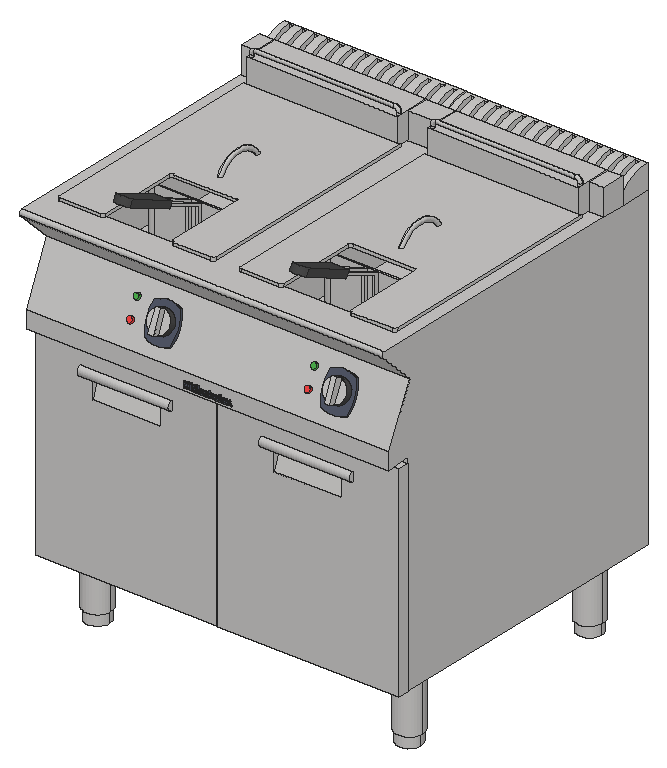
Revit family "QF_ELECTROLUXPROFESSIONAL_371144_E7FREH2FFN", category Specialty Equipment, Revit 2018
Family settings
  Round Connector Dimension = Use Diameter
  Part Type = Normal
  Work Plane-Based = No
  Always vertical = Yes
  Cut with Voids When Loaded = No
  Shared = No
  Room Calculation Point = No
Parameters
  Width = 800.1 mm  # constant formula
  Weight in Pounds = 179  # constant formula
  Watts = 17400 VA  # 17400 W
  Volts = 230 V  # constant formula
  URL Cutsheet = "www.electrolux.com/foodservice"
  URL = "www.electrolux.com/foodservice"
  Type Mark [instance] = ""
  Status [instance] = ""
  Specification by User [instance] = ""
  Specification by Manufacturer = ""
  Show Logo [instance] = yes
  Show Clearance [instance] = yes
  Serial Number = ""
  Seismic Rating = ""
  SMACNA No = ""
  Revision Code [instance] = ""
  Phase = 3  # constant formula
  Omniclass Number and Title = ""
  Number of Poles [instance] = 1
  NAFEM Spec ID Number = ""
  Model = "371144"
  Min Ckt Ampacity = 0 A
  Max Overcurrent Protection = 0 A
  Masterspec = ""
  Manufacturer = "ELECTROLUX"
  Item Number [instance] = ""
  Installed By [instance] = ""
  Identify Quantity as Lot [instance] = yes
  Height = 333.375 mm  # constant formula
  HP = "23.3 HP"
  Furnished By [instance] = ""
  Foodservice Equipment Identifier [instance] = yes
  FL Amps = if(Phase = 3, Watts / (Volts * 1.73), Watts / Volts)  # 43.7296 A
  Electrical Remarks [instance] = "230 V/3 ph/50/60 Hz"  # constant formula
  Electric Connection Type [instance] = ""
  Elec Conn RI Height [instance] = 0 mm
  Elec Conn Connection Height [instance] = 0 mm
  Direct Waste Size = 0"
  Description = "700XP Two 14 Lt. Wells Freestanding Electric Fryer - 230V"
  Depth = 730.25 mm  # constant formula
  Cycle = if([60 Hertz Option], 60 Hz, 50 Hz)  # 60 Hz
  Conn Plug = ""
  Conn Conduit = yes
  CSI MasterFormat = ""
  CSI Master Format = ""
  Base Height [instance] = 150 mm  # constant formula
  Apparent Power = if(Phase = 3, Volts * FL Amps * 1.73, Volts * FL Amps)  # 17400 VA
  60 Hertz Option = not([50 Hertz Option])  # yes
  50 Hertz Option = no
Reference planes
  plane 1 "BACK": y = 0
  plane 2: z = 0
  plane 3 "LEFT": x = 0
  plane 4 "RIGHT": x = 800.1
  plane 5 "FRONT": y = -730.25
  plane 6 "TOP": z = 905.238
  plane 7 "Center Y": x = 400.05
  plane 8 "Center X": y = -365.125
  plane 9 "BASE": z = 601
  plane 10 "TOP A": z = 850.238
  plane 11: y = -597.884
  plane 12: y = -147.637
  plane 13: z = 942.313
  plane 14: z = 150
Forms (mm)
  Extrusion 1, solid, material "QF_Finishes_Stainless Steel"
    sketch origin (0, 0, 0) x (0, 1, 0) y (0, 0, 1)
      loop
        line (0, 850.237) -> (-725.277, 850.237)
        arc (-725.277, 850.237) -> (-731.143, 846.318) -> (-729.767, 839.397) r 6.35
        line (-729.767, 839.397) -> (-657.416, 767.047) -> (-713.772, 646.19) -> (-713.772, 608.09) -> (-660.4, 613.7) -> (-660.4, 150) -> (0, 150) -> (0, 850.237)
      loop
        line (-661.987, 601) -> (-687.387, 601) -> (-687.387, 150) -> (-661.987, 150) -> (-661.987, 601)
    from 0 to 800.1
  Extrusion 2, solid, material "QF_Finishes_Stainless Steel"
    sketch origin (0, 0, 0) x (0, 1, 0) y (0, 0, 1)
      loop
        line (0, 850.237) -> (0, 905.237)
        arc (0, 905.237) -> (-38.078, 897.879) -> (-69.85, 875.637) r 93.057
        line (-69.85, 875.637) -> (-69.85, 850.237) -> (0, 850.237)
    from 0 to 800.1
  Extrusion 3, void
    sketch origin (0, 0, 850.238) x (-1, 0, 0) y (0, -1, 0)
      loop
        line (-33.338, 147.762) -> (-33.338, 655.762) -> (-373.062, 655.762) -> (-373.062, 147.762) -> (-33.338, 147.762)
      loop
        line (-766.762, 655.762) -> (-766.762, 147.762) -> (-427.038, 147.762) -> (-427.038, 655.762) -> (-766.762, 655.762)
    from 0 to -152.4
  Extrusion 4, void
    sketch origin (0, 0, 850.238) x (-1, 0, 0) y (0, -1, 0)
      loop
        line (-13.453, 6.761) -> (-13.453, 63.911) -> (-22.749, 63.911) -> (-22.749, 6.761) -> (-13.453, 6.761)
    from 25.4 to 63.5
  Extrusion 5, solid, material "QF_Finishes_Navy Blue"
    sketch origin (75, -713.772, 646.19) x (0, 0.422618, 0.906308) y (-1, 0, 0)
      loop
        arc (101.183, -565.888) -> (66.258, -558.83) -> (31.333, -565.888) r 89.935
        arc (31.333, -565.888) -> (24.629, -594.463) -> (31.333, -623.038) r 64.254
        arc (31.333, -623.038) -> (66.258, -630.096) -> (101.183, -623.038) r 89.935
        arc (101.183, -623.038) -> (107.886, -594.463) -> (101.183, -565.888) r 64.254
      loop
        arc (101.183, -177.065) -> (66.258, -170.007) -> (31.333, -177.065) r 89.935
        arc (31.333, -177.065) -> (24.629, -205.64) -> (31.333, -234.215) r 64.254
        arc (31.333, -234.215) -> (66.258, -241.274) -> (101.183, -234.215) r 89.935
        arc (101.183, -234.215) -> (107.886, -205.64) -> (101.183, -177.065) r 64.254
    from 0 to 3.175
  Extrusion 6, solid, material "QF_Finishes_Stainless Steel"
    sketch origin (75, -716.65, 647.532) x (0, 0.422618, 0.906308) y (-1, 0, 0)
      loop
        circle (68.826, -594.351) r 25.4
      loop
        circle (68.826, -205.413) r 25.4
    from 0 to 12.7
  Extrusion 7, solid, material "QF_Finishes_Stainless Steel"
    sketch origin (75, -728.16, 652.899) x (0, 0.422618, 0.906308) y (-1, 0, 0)
      loop
        arc (93.558, -600.137) -> (94.226, -594.351) -> (93.558, -588.564) r 25.4
        line (93.558, -588.564) -> (44.094, -588.564)
        arc (44.094, -588.564) -> (43.426, -594.351) -> (44.094, -600.137) r 25.4
        line (44.094, -600.137) -> (93.558, -600.137)
      loop
        arc (93.558, -211.199) -> (94.226, -205.413) -> (93.558, -199.627) r 25.4
        line (93.558, -199.627) -> (44.094, -199.627)
        arc (44.094, -199.627) -> (43.426, -205.413) -> (44.094, -211.199) r 25.4
        line (44.094, -211.199) -> (93.558, -211.199)
    from 0 to 12.7
  Extrusion 8, solid, material "QF_Finishes_Green"
    sketch origin (75, -713.772, 646.19) x (0, 0.422618, 0.906308) y (-1, 0, 0)
      loop
        circle (93.672, -530.585) r 6.35
      loop
        circle (93.672, -138.473) r 6.35
    from 0 to 3.175
  Extrusion 9, solid, material "QF_Finishes_Red"
    sketch origin (75, -713.772, 646.19) x (0, 0.422618, 0.906308) y (-1, 0, 0)
      loop
        circle (50.809, -530.585) r 6.35
      loop
        circle (50.809, -138.473) r 6.35
    from 0 to 3.175
  Extrusion 10, solid, material "QF_Finishes_Clearance", visible <- "Show Clearance", detail levels coarse
    sketch origin (0, 0, 0) x (1, 0, 0) y (0, 1, 0)
      loop
        line (0, -731.627) -> (0, 0) -> (800.1, 0) -> (800.1, -731.627) -> (950.119, -731.627) -> (950.119, 150.019) -> (-150.019, 150.019) -> (-150.019, -731.627) -> (0, -731.627)
    from 0 to 905.237
  Extrusion 11, solid, material "QF_Finishes_Stainless Steel"
    sketch origin (-77.88, -4572, 850.238) x (-1, 0, 0) y (0, -1, 0)
      loop
        arc (-104.867, -3916.238) -> (-106.727, -3911.748) -> (-111.217, -3909.888) r 6.35
        line (-111.217, -3909.888) -> (-200.117, -3909.888)
        arc (-200.117, -3909.888) -> (-204.607, -3911.748) -> (-206.467, -3916.238) r 6.35
        line (-206.467, -3916.238) -> (-206.467, -4090.863)
        arc (-206.467, -4090.863) -> (-208.327, -4095.354) -> (-212.817, -4097.213) r 6.35
        line (-212.817, -4097.213) -> (-349.342, -4097.213)
        arc (-349.342, -4097.213) -> (-353.832, -4095.354) -> (-355.692, -4090.863) r 6.35
        line (-355.692, -4090.863) -> (-355.692, -3916.238)
        arc (-355.692, -3916.238) -> (-357.552, -3911.748) -> (-362.042, -3909.888) r 6.35
        line (-362.042, -3909.888) -> (-444.592, -3909.888)
        arc (-444.592, -3909.888) -> (-449.082, -3911.748) -> (-450.942, -3916.238) r 6.35
        line (-450.942, -3916.238) -> (-450.942, -4424.238) -> (-104.867, -4424.238) -> (-104.867, -3916.238)
      loop
        line (-850.992, -3916.238) -> (-850.992, -4424.238) -> (-504.917, -4424.238) -> (-504.917, -3916.238)
        arc (-504.917, -3916.238) -> (-506.777, -3911.748) -> (-511.267, -3909.888) r 6.35
        line (-511.267, -3909.888) -> (-593.817, -3909.888)
        arc (-593.817, -3909.888) -> (-598.307, -3911.748) -> (-600.167, -3916.238) r 6.35
        line (-600.167, -3916.238) -> (-600.167, -4090.863)
        arc (-600.167, -4090.863) -> (-602.027, -4095.354) -> (-606.517, -4097.213) r 6.35
        line (-606.517, -4097.213) -> (-743.042, -4097.213)
        arc (-743.042, -4097.213) -> (-747.532, -4095.354) -> (-749.392, -4090.863) r 6.35
        line (-749.392, -4090.863) -> (-749.392, -3916.238)
        arc (-749.392, -3916.238) -> (-751.252, -3911.748) -> (-755.742, -3909.888) r 6.35
        line (-755.742, -3909.888) -> (-844.642, -3909.888)
        arc (-844.642, -3909.888) -> (-849.132, -3911.748) -> (-850.992, -3916.238) r 6.35
    from 0 to 6.35
  Extrusion 12, solid, material "QF_Finishes_Black"
    sketch origin (271.462, -708.83, 942.26) x (0, 0.906308, -0.422618) y (-1, 0, 0)
      loop
        line (10.103, 47.32) -> (128.716, 47.32) -> (128.716, 84.555) -> (10.103, 84.555)
        arc (10.103, 84.555) -> (-0.124, 65.937) -> (10.103, 47.32) r 22.059
    from -15.884 to 0
  Extrusion 13, solid, material "QF_Finishes_Stainless Steel"
    sketch origin (271.463, 41.275, 0) x (0, 1, 0) y (0, 0, 1)
      loop
        line (-547.91, 741.238) -> (-547.91, 842.715) -> (-635.463, 883.542) -> (-638.147, 877.787) -> (-554.26, 838.67) -> (-554.26, 741.238) -> (-547.91, 741.238)
    from -80.476 to -74.619
  Extrusion 14, solid, material "QF_Finishes_Stainless Steel"
    sketch origin (139.588, 41.275, 0) x (0, 1, 0) y (0, 0, -1)
      loop
        line (-554.26, -838.67) -> (-638.147, -877.787) -> (-635.463, -883.542) -> (-547.91, -842.715) -> (-547.91, -741.238) -> (-554.26, -741.238) -> (-554.26, -838.67)
    from -80.476 to -74.619
  Sweep 15, solid, material "QF_Finishes_Stainless Steel"
    path origin (200.025, -0.124, 0) x (0, 1, 0) y (0, 0, 1)
      loop
        arc (-323.386, 850.238) -> (-377.825, 884.016) -> (-432.264, 850.238) r 60.757
    profile origin (200.025, -377.949, 884.016) x (0, 0, -1) y (1, 0, 0)
      loop
        circle (0, 0) r 4.353
  Sweep 16, solid, material "QF_Finishes_Stainless Steel"
    path origin (600.075, -0.124, 0) x (0, 1, 0) y (0, 0, -1)
      loop
        arc (-323.386, -850.238) -> (-377.825, -884.016) -> (-432.264, -850.238) r 60.757
    profile origin (600.075, -377.949, 884.016) x (0, 0, 1) y (-1, 0, 0)
      loop
        circle (0, 0) r 4.353
  Extrusion 17, solid, material "QF_Finishes_Black"
    sketch origin (528.637, -708.83, 942.26) x (0, 0.906308, -0.422618) y (-1, 0, 0)
      loop
        arc (10.103, -47.32) -> (-0.124, -65.937) -> (10.103, -84.555) r 22.059
        line (10.103, -84.555) -> (128.716, -84.555) -> (128.716, -47.32) -> (10.103, -47.32)
    from -15.884 to 0
  Extrusion 18, solid, material "QF_Finishes_Mesh"
    sketch origin (0, 0, 850.238) x (-1, 0, 0) y (0, -1, 0)
      loop
        arc (-116.625, 189.135) -> (-98.665, 196.575) -> (-91.225, 214.535) r 25.4
        line (-91.225, 214.535) -> (-91.225, 481.235)
        arc (-91.225, 481.235) -> (-98.665, 499.196) -> (-116.625, 506.635) r 25.4
        line (-116.625, 506.635) -> (-294.425, 506.635)
        arc (-294.425, 506.635) -> (-312.386, 499.196) -> (-319.825, 481.235) r 25.4
        line (-319.825, 481.235) -> (-319.825, 214.535)
        arc (-319.825, 214.535) -> (-312.386, 196.575) -> (-294.425, 189.135) r 25.4
        line (-294.425, 189.135) -> (-116.625, 189.135)
      loop
        arc (-116.625, 192.31) -> (-100.91, 198.82) -> (-94.4, 214.535) r 22.225
        line (-94.4, 214.535) -> (-94.4, 481.235)
        arc (-94.4, 481.235) -> (-100.91, 496.951) -> (-116.625, 503.46) r 22.225
        line (-116.625, 503.46) -> (-294.425, 503.46)
        arc (-294.425, 503.46) -> (-310.141, 496.951) -> (-316.65, 481.235) r 22.225
        line (-316.65, 481.235) -> (-316.65, 214.535)
        arc (-316.65, 214.535) -> (-310.141, 198.82) -> (-294.425, 192.31) r 22.225
        line (-294.425, 192.31) -> (-116.625, 192.31)
      loop
        line (-683.475, 189.135) -> (-505.675, 189.135)
        arc (-505.675, 189.135) -> (-487.714, 196.575) -> (-480.275, 214.535) r 25.4
        line (-480.275, 214.535) -> (-480.275, 481.235)
        arc (-480.275, 481.235) -> (-487.714, 499.196) -> (-505.675, 506.635) r 25.4
        line (-505.675, 506.635) -> (-683.475, 506.635)
        arc (-683.475, 506.635) -> (-701.435, 499.196) -> (-708.875, 481.235) r 25.4
        line (-708.875, 481.235) -> (-708.875, 214.535)
        arc (-708.875, 214.535) -> (-701.435, 196.575) -> (-683.475, 189.135) r 25.4
      loop
        line (-683.475, 192.31) -> (-505.675, 192.31)
        arc (-505.675, 192.31) -> (-489.959, 198.82) -> (-483.45, 214.535) r 22.225
        line (-483.45, 214.535) -> (-483.45, 481.235)
        arc (-483.45, 481.235) -> (-489.959, 496.951) -> (-505.675, 503.46) r 22.225
        line (-505.675, 503.46) -> (-683.475, 503.46)
        arc (-683.475, 503.46) -> (-699.19, 496.951) -> (-705.7, 481.235) r 22.225
        line (-705.7, 481.235) -> (-705.7, 214.535)
        arc (-705.7, 214.535) -> (-699.19, 198.82) -> (-683.475, 192.31) r 22.225
    from -109 to -5.315
  Extrusion 19, solid, material "QF_Finishes_Stainless Steel"
    sketch origin (528.637, 41.275, 0) x (0, 1, 0) y (0, 0, -1)
      loop
        line (-547.91, -741.238) -> (-554.26, -741.238) -> (-554.26, -838.67) -> (-638.147, -877.787) -> (-635.463, -883.542) -> (-547.91, -842.715) -> (-547.91, -741.238)
    from -80.476 to -74.619
  Extrusion 20, solid, material "QF_Finishes_Stainless Steel"
    sketch origin (660.512, 41.275, 0) x (0, 1, 0) y (0, 0, 1)
      loop
        line (-554.26, 838.67) -> (-554.26, 741.238) -> (-547.91, 741.238) -> (-547.91, 842.715) -> (-635.463, 883.542) -> (-638.147, 877.787) -> (-554.26, 838.67)
    from -80.476 to -74.619
  Extrusion 21, void
    sketch origin (361.95, 0, 850.237) x (-1, 0, 0) y (0, -1, 0)
      loop
        line (-13.453, 6.761) -> (-13.453, 63.911) -> (-22.749, 63.911) -> (-22.749, 6.761) -> (-13.453, 6.761)
    from 25.4 to 63.5
  Extrusion 22, void
    sketch origin (27.842, 0, 850.238) x (-1, 0, 0) y (0, -1, 0)
      loop
        line (-13.453, 6.761) -> (-13.453, 63.911) -> (-22.749, 63.911) -> (-22.749, 6.761) -> (-13.453, 6.761)
    from 25.4 to 63.5
  Extrusion 23, void
    sketch origin (55.685, 0, 850.238) x (-1, 0, 0) y (0, -1, 0)
      loop
        line (-13.453, 6.761) -> (-13.453, 63.911) -> (-22.749, 63.911) -> (-22.749, 6.761) -> (-13.453, 6.761)
    from 25.4 to 63.5
  Extrusion 24, void
    sketch origin (83.527, 0, 850.238) x (-1, 0, 0) y (0, -1, 0)
      loop
        line (-13.453, 6.761) -> (-13.453, 63.911) -> (-22.749, 63.911) -> (-22.749, 6.761) -> (-13.453, 6.761)
    from 25.4 to 63.5
  Extrusion 25, void
    sketch origin (111.369, 0, 850.237) x (-1, 0, 0) y (0, -1, 0)
      loop
        line (-13.453, 6.761) -> (-13.453, 63.911) -> (-22.749, 63.911) -> (-22.749, 6.761) -> (-13.453, 6.761)
    from 25.4 to 63.5
  Extrusion 26, void
    sketch origin (139.212, 0, 850.237) x (-1, 0, 0) y (0, -1, 0)
      loop
        line (-13.453, 6.761) -> (-13.453, 63.911) -> (-22.749, 63.911) -> (-22.749, 6.761) -> (-13.453, 6.761)
    from 25.4 to 63.5
  Extrusion 27, void
    sketch origin (167.054, 0, 850.237) x (-1, 0, 0) y (0, -1, 0)
      loop
        line (-13.453, 6.761) -> (-13.453, 63.911) -> (-22.749, 63.911) -> (-22.749, 6.761) -> (-13.453, 6.761)
    from 25.4 to 63.5
  Extrusion 28, void
    sketch origin (194.896, 0, 850.237) x (-1, 0, 0) y (0, -1, 0)
      loop
        line (-13.453, 6.761) -> (-13.453, 63.911) -> (-22.749, 63.911) -> (-22.749, 6.761) -> (-13.453, 6.761)
    from 25.4 to 63.5
  Extrusion 29, void
    sketch origin (222.738, 0, 850.237) x (-1, 0, 0) y (0, -1, 0)
      loop
        line (-13.453, 6.761) -> (-13.453, 63.911) -> (-22.749, 63.911) -> (-22.749, 6.761) -> (-13.453, 6.761)
    from 25.4 to 63.5
  Extrusion 30, void
    sketch origin (250.581, 0, 850.237) x (-1, 0, 0) y (0, -1, 0)
      loop
        line (-13.453, 6.761) -> (-13.453, 63.911) -> (-22.749, 63.911) -> (-22.749, 6.761) -> (-13.453, 6.761)
    from 25.4 to 63.5
  Extrusion 31, void
    sketch origin (278.423, 0, 850.237) x (-1, 0, 0) y (0, -1, 0)
      loop
        line (-13.453, 6.761) -> (-13.453, 63.911) -> (-22.749, 63.911) -> (-22.749, 6.761) -> (-13.453, 6.761)
    from 25.4 to 63.5
  Extrusion 32, void
    sketch origin (306.265, 0, 850.237) x (-1, 0, 0) y (0, -1, 0)
      loop
        line (-13.453, 6.761) -> (-13.453, 63.911) -> (-22.749, 63.911) -> (-22.749, 6.761) -> (-13.453, 6.761)
    from 25.4 to 63.5
  Extrusion 33, void
    sketch origin (334.108, 0, 850.237) x (-1, 0, 0) y (0, -1, 0)
      loop
        line (-13.453, 6.761) -> (-13.453, 63.911) -> (-22.749, 63.911) -> (-22.749, 6.761) -> (-13.453, 6.761)
    from 25.4 to 63.5
  Extrusion 34, void
    sketch origin (800.1, 0, 850.237) x (1, 0, 0) y (0, 1, 0)
      loop
        line (-13.453, -6.761) -> (-22.749, -6.761) -> (-22.749, -63.911) -> (-13.453, -63.911) -> (-13.453, -6.761)
    from 25.4 to 63.5
  Extrusion 35, void
    sketch origin (438.15, 0, 850.237) x (1, 0, 0) y (0, 1, 0)
      loop
        line (-13.453, -6.761) -> (-22.749, -6.761) -> (-22.749, -63.911) -> (-13.453, -63.911) -> (-13.453, -6.761)
    from 25.4 to 63.5
  Extrusion 36, void
    sketch origin (772.258, 0, 850.237) x (1, 0, 0) y (0, 1, 0)
      loop
        line (-13.453, -6.761) -> (-22.749, -6.761) -> (-22.749, -63.911) -> (-13.453, -63.911) -> (-13.453, -6.761)
    from 25.4 to 63.5
  Extrusion 37, void
    sketch origin (744.415, 0, 850.237) x (1, 0, 0) y (0, 1, 0)
      loop
        line (-13.453, -6.761) -> (-22.749, -6.761) -> (-22.749, -63.911) -> (-13.453, -63.911) -> (-13.453, -6.761)
    from 25.4 to 63.5
  Extrusion 38, void
    sketch origin (716.573, 0, 850.237) x (1, 0, 0) y (0, 1, 0)
      loop
        line (-13.453, -6.761) -> (-22.749, -6.761) -> (-22.749, -63.911) -> (-13.453, -63.911) -> (-13.453, -6.761)
    from 25.4 to 63.5
  Extrusion 39, void
    sketch origin (688.731, 0, 850.237) x (1, 0, 0) y (0, 1, 0)
      loop
        line (-13.453, -6.761) -> (-22.749, -6.761) -> (-22.749, -63.911) -> (-13.453, -63.911) -> (-13.453, -6.761)
    from 25.4 to 63.5
  Extrusion 40, void
    sketch origin (660.888, 0, 850.237) x (1, 0, 0) y (0, 1, 0)
      loop
        line (-13.453, -6.761) -> (-22.749, -6.761) -> (-22.749, -63.911) -> (-13.453, -63.911) -> (-13.453, -6.761)
    from 25.4 to 63.5
  Extrusion 41, void
    sketch origin (633.046, 0, 850.237) x (1, 0, 0) y (0, 1, 0)
      loop
        line (-13.453, -6.761) -> (-22.749, -6.761) -> (-22.749, -63.911) -> (-13.453, -63.911) -> (-13.453, -6.761)
    from 25.4 to 63.5
  Extrusion 42, void
    sketch origin (605.204, 0, 850.237) x (1, 0, 0) y (0, 1, 0)
      loop
        line (-13.453, -6.761) -> (-22.749, -6.761) -> (-22.749, -63.911) -> (-13.453, -63.911) -> (-13.453, -6.761)
    from 25.4 to 63.5
  Extrusion 43, void
    sketch origin (577.362, 0, 850.237) x (1, 0, 0) y (0, 1, 0)
      loop
        line (-13.453, -6.761) -> (-22.749, -6.761) -> (-22.749, -63.911) -> (-13.453, -63.911) -> (-13.453, -6.761)
    from 25.4 to 63.5
  Extrusion 44, void
    sketch origin (549.519, 0, 850.237) x (1, 0, 0) y (0, 1, 0)
      loop
        line (-13.453, -6.761) -> (-22.749, -6.761) -> (-22.749, -63.911) -> (-13.453, -63.911) -> (-13.453, -6.761)
    from 25.4 to 63.5
  Extrusion 45, void
    sketch origin (521.677, 0, 850.237) x (1, 0, 0) y (0, 1, 0)
      loop
        line (-13.453, -6.761) -> (-22.749, -6.761) -> (-22.749, -63.911) -> (-13.453, -63.911) -> (-13.453, -6.761)
    from 25.4 to 63.5
  Extrusion 46, void
    sketch origin (493.835, 0, 850.237) x (1, 0, 0) y (0, 1, 0)
      loop
        line (-13.453, -6.761) -> (-22.749, -6.761) -> (-22.749, -63.911) -> (-13.453, -63.911) -> (-13.453, -6.761)
    from 25.4 to 63.5
  Extrusion 47, void
    sketch origin (465.992, 0, 850.237) x (1, 0, 0) y (0, 1, 0)
      loop
        line (-13.453, -6.761) -> (-22.749, -6.761) -> (-22.749, -63.911) -> (-13.453, -63.911) -> (-13.453, -6.761)
    from 25.4 to 63.5
  Extrusion 48, void
    sketch origin (418.151, 0, 850.237) x (1, 0, 0) y (0, 1, 0)
      loop
        line (-16.513, 0) -> (-19.688, 0) -> (-19.688, -69.85) -> (-16.513, -69.85) -> (-16.513, 0)
    from 25.4 to 63.5
  Extrusion 49, void
    sketch origin (0, -660.4, 601) x (0, 0, 1) y (-1, 0, 0)
      loop
        line (0, -398.463) -> (-451, -398.463) -> (-451, -401.638) -> (0, -401.638) -> (0, -398.463)
    from 0 to 27
  Extrusion 50, void
    sketch origin (200.025, 0, 0) x (0, 1, 0) y (0, 0, 1)
      loop
        line (-687.387, 541) -> (-687.387, 499.788) -> (-672.387, 541) -> (-687.387, 541)
    from -75 to 75
  Extrusion 51, solid, material "QF_Finishes_Stainless Steel"
    sketch origin (200.025, 0, 0) x (0, 1, 0) y (0, 0, 1)
      loop
        line (-687.387, 541) -> (-687.387, 561)
        arc (-687.387, 561) -> (-697.387, 551) -> (-687.387, 541) r 10
    from -100 to 100
  Extrusion 52, void
    sketch origin (600.075, 0, 0) x (0, 1, 0) y (0, 0, -1)
      loop
        line (-687.387, -541) -> (-672.387, -541) -> (-687.387, -499.788) -> (-687.387, -541)
    from -75 to 75
  Extrusion 53, solid, material "QF_Finishes_Stainless Steel"
    sketch origin (600.075, 0, 0) x (0, 1, 0) y (0, 0, -1)
      loop
        arc (-687.387, -541) -> (-697.387, -551) -> (-687.387, -561) r 10
        line (-687.387, -561) -> (-687.387, -541)
    from -100 to 100
  Revolve 54, solid, material "QF_Finishes_Stainless Steel"
    sketch origin (0, -587.387, 608.09) x (0, 0, 1) y (-1, 0, 0)
      loop
        line (-608.09, -56) -> (-458.09, -56) -> (-458.09, -26) -> (-583.09, -26) -> (-583.09, -29.75) -> (-608.09, -29.75) -> (-608.09, -56)
      axis (-608.09, -56) -> (-458.09, -56)
    angle from 0 to 360
  Revolve 55, solid, material "QF_Finishes_Stainless Steel"
    sketch origin (0, -90, 608.09) x (0, 0, 1) y (-1, 0, 0)
      loop
        line (-608.09, -56) -> (-458.09, -56) -> (-458.09, -26) -> (-583.09, -26) -> (-583.09, -29.75) -> (-608.09, -29.75) -> (-608.09, -56)
      axis (-608.09, -56) -> (-458.09, -56)
    angle from 0 to 360
  Revolve 56, solid, material "QF_Finishes_Stainless Steel"
    sketch origin (800.1, -587.387, 608.09) x (0, 0, 1) y (-1, 0, 0)
      loop
        line (-608.09, 56) -> (-608.09, 29.75) -> (-583.09, 29.75) -> (-583.09, 26) -> (-458.09, 26) -> (-458.09, 56) -> (-608.09, 56)
      axis (-608.09, 56) -> (-458.09, 56)
    angle from 0 to 360
  Revolve 57, solid, material "QF_Finishes_Stainless Steel"
    sketch origin (800.1, -90, 608.09) x (0, 0, 1) y (-1, 0, 0)
      loop
        line (-608.09, 56) -> (-608.09, 29.75) -> (-583.09, 29.75) -> (-583.09, 26) -> (-458.09, 26) -> (-458.09, 56) -> (-608.09, 56)
      axis (-608.09, 56) -> (-458.09, 56)
    angle from 0 to 360
  Extrusion 58, solid, material "QF_Finishes_Navy Blue", visible <- "Show Logo"
    sketch origin (60.791, -713.772, 608.09) x (0, 0, 1) y (-1, 0, 0)
      loop
        line (20.674, -296.698) -> (8.307, -296.698)
        arc (8.307, -296.698) -> (14.491, -301.27) -> (20.674, -296.698) r 6.467
      loop
        arc (20.674, -296.069) -> (19.505, -290.926) -> (14.849, -288.448) r 6.338
        line (14.849, -288.448) -> (14.849, -290.494)
        arc (14.849, -290.494) -> (16.333, -294.149) -> (19.778, -296.069) r 5.941
        line (19.778, -296.069) -> (20.674, -296.069)
      loop
        arc (9.203, -296.069) -> (12.648, -294.149) -> (14.132, -290.494) r 5.941
        line (14.132, -290.494) -> (14.132, -288.448)
        arc (14.132, -288.448) -> (9.438, -290.922) -> (8.148, -296.069) r 6.504
        line (8.148, -296.069) -> (9.203, -296.069)
      loop
        line (21.349, -287.979) -> (7.604, -287.979) -> (7.604, -301.742) -> (21.349, -301.742) -> (21.349, -287.979)
      loop
        arc (21.432, -304.71) -> (21.085, -304.352) -> (20.718, -304.69) r 0.358
        arc (20.718, -304.69) -> (20.404, -305.44) -> (19.687, -305.825) r 1.216
        line (19.687, -305.825) -> (9.274, -305.825)
        arc (9.274, -305.825) -> (8.614, -305.548) -> (8.218, -304.951) r 1.238
        arc (8.218, -304.951) -> (7.823, -304.7) -> (7.518, -305.054) r 0.358
        line (7.518, -305.054) -> (7.518, -314.933) -> (10.269, -314.933) -> (10.269, -314.036)
        arc (10.269, -314.036) -> (9.36, -313.456) -> (8.904, -312.479) r 1.928
        line (8.904, -312.479) -> (8.904, -309.98)
        arc (8.904, -309.98) -> (9.18, -309.251) -> (9.868, -308.887) r 1.101
        line (9.868, -308.887) -> (13.955, -308.887) -> (13.955, -312.561)
        arc (13.955, -312.561) -> (13.602, -313.058) -> (13.037, -313.286) r 1.083
        arc (13.037, -313.286) -> (12.773, -313.591) -> (13.065, -313.869) r 0.292
        line (13.065, -313.869) -> (16.028, -313.869)
        arc (16.028, -313.869) -> (16.33, -313.596) -> (16.092, -313.266) r 0.305
        arc (16.092, -313.266) -> (15.601, -313.018) -> (15.296, -312.561) r 1.083
        line (15.296, -312.561) -> (15.296, -308.887) -> (19.973, -308.887) -> (19.973, -312.635)
        arc (19.973, -312.635) -> (19.759, -313.39) -> (19.153, -313.888) r 1.314
        arc (19.153, -313.888) -> (18.934, -314.292) -> (19.288, -314.585) r 0.361
        line (19.288, -314.585) -> (21.432, -314.585) -> (21.432, -304.71)
      loop
        arc (20.715, -315.365) -> (20.335, -316.284) -> (19.416, -316.664) r 1.299
        line (19.416, -316.664) -> (9.837, -316.664)
        arc (9.837, -316.664) -> (8.999, -316.286) -> (8.728, -315.408) r 1.118
        line (8.728, -315.408) -> (7.518, -315.408) -> (7.518, -320.758) -> (8.706, -320.758)
        arc (8.706, -320.758) -> (8.978, -319.841) -> (9.848, -319.445) r 1.153
        line (9.848, -319.445) -> (21.92, -319.445) -> (20.715, -315.365)
      loop
        line (12.483, -323.394) -> (12.483, -329.842) -> (13.282, -329.842)
        arc (13.282, -329.842) -> (15.862, -328.857) -> (17.131, -326.404) r 3.874
        line (17.131, -326.404) -> (17.131, -324.643)
        arc (17.131, -324.643) -> (15.944, -321.778) -> (13.08, -320.592) r 4.051
        line (13.08, -320.592) -> (11.072, -320.592)
        arc (11.072, -320.592) -> (8.253, -322.077) -> (7.202, -325.084) r 4.352
        arc (7.202, -325.084) -> (7.566, -327.547) -> (8.943, -329.621) r 5.713
        line (8.943, -329.621) -> (9.892, -329.621)
        arc (9.892, -329.621) -> (9.16, -328.052) -> (8.943, -326.334) r 5.579
        arc (8.943, -326.334) -> (9.737, -324.371) -> (11.616, -323.394) r 3.057
        line (11.616, -323.394) -> (12.483, -323.394)
      loop
        line (13.742, -323.394) -> (13.742, -326.977)
        arc (13.742, -326.977) -> (15.199, -327.024) -> (16.082, -325.864) r 1.59
        line (16.082, -325.864) -> (16.082, -325.034)
        arc (16.082, -325.034) -> (15.217, -323.779) -> (13.742, -323.394) r 2.184
      loop
        arc (16.533, -339.259) -> (17.022, -337.585) -> (17.179, -335.848) r 9.023
        line (17.179, -335.848) -> (17.179, -334.486)
        arc (17.179, -334.486) -> (16.02, -331.686) -> (13.22, -330.527) r 3.959
        line (13.22, -330.527) -> (10.62, -330.527)
        arc (10.62, -330.527) -> (8.338, -331.819) -> (7.221, -334.192) r 4.331
        line (7.221, -334.192) -> (7.221, -336.327)
        arc (7.221, -336.327) -> (7.729, -337.877) -> (8.651, -339.223) r 5.772
        arc (8.651, -339.223) -> (9.412, -339.274) -> (9.499, -338.515) r 0.553
        arc (9.499, -338.515) -> (9.111, -337.781) -> (8.977, -336.962) r 2.573
        line (8.977, -336.962) -> (8.977, -335.447)
        arc (8.977, -335.447) -> (9.983, -333.806) -> (11.798, -333.163) r 2.884
        line (11.798, -333.163) -> (13.077, -333.163)
        arc (13.077, -333.163) -> (14.898, -333.723) -> (15.824, -335.388) r 2.554
        line (15.824, -335.388) -> (15.824, -336.441)
        arc (15.824, -336.441) -> (15.493, -337.369) -> (14.836, -338.104) r 2.564
        arc (14.836, -338.104) -> (14.614, -338.821) -> (15.223, -339.259) r 0.643
        line (15.223, -339.259) -> (16.533, -339.259)
      loop
        line (15.515, -339.53) -> (15.515, -341.031) -> (9.467, -341.031)
        arc (9.467, -341.031) -> (7.879, -341.688) -> (7.221, -343.276) r 2.246
        line (7.221, -343.276) -> (7.221, -344.86)
        arc (7.221, -344.86) -> (7.535, -345.725) -> (8.035, -346.496) r 4.06
        arc (8.035, -346.496) -> (8.768, -346.629) -> (9.019, -345.928) r 0.576
        arc (9.019, -345.928) -> (8.913, -345.403) -> (8.977, -344.87) r 1.69
        arc (8.977, -344.87) -> (9.519, -344.082) -> (10.425, -343.779) r 1.506
        line (10.425, -343.779) -> (15.563, -343.779) -> (15.563, -346.176) -> (16.119, -346.733) -> (16.941, -346.733) -> (16.941, -343.873) -> (20.172, -343.873) -> (15.515, -339.53)
      loop
        line (7.438, -347.63) -> (7.438, -353.017) -> (8.548, -353.017)
        arc (8.548, -353.017) -> (8.942, -352.066) -> (9.893, -351.672) r 1.345
        line (9.893, -351.672) -> (13.509, -351.672)
        arc (13.509, -351.672) -> (14.274, -352.264) -> (14.564, -353.186) r 1.615
        line (14.564, -353.186) -> (14.564, -354.742) -> (17.119, -355.427) -> (17.119, -354.044) -> (15.177, -351.485) -> (17.057, -351.485) -> (16.773, -348.779)
        arc (16.773, -348.779) -> (16.333, -348.249) -> (15.674, -348.45) r 0.621
        arc (15.674, -348.45) -> (15.274, -348.792) -> (14.78, -348.975) r 1.501
        line (14.78, -348.975) -> (9.893, -348.975)
        arc (9.893, -348.975) -> (8.942, -348.581) -> (8.548, -347.63) r 1.345
        line (8.548, -347.63) -> (7.438, -347.63)
      loop
        line (13.54, -354.964) -> (10.848, -354.964)
        arc (10.848, -354.964) -> (8.403, -356.272) -> (7.269, -358.803) r 4.288
        arc (7.269, -358.803) -> (7.205, -360.183) -> (7.269, -361.563) r 15.022
        arc (7.269, -361.563) -> (8.403, -364.094) -> (10.848, -365.401) r 4.288
        line (10.848, -365.401) -> (13.54, -365.401)
        arc (13.54, -365.401) -> (15.986, -364.094) -> (17.119, -361.563) r 4.288
        arc (17.119, -361.563) -> (17.183, -360.183) -> (17.119, -358.803) r 15.022
        arc (17.119, -358.803) -> (15.986, -356.272) -> (13.54, -354.964) r 4.288
      loop
        line (13.745, -358.078) -> (10.643, -358.078)
        arc (10.643, -358.078) -> (8.486, -360.235) -> (10.643, -362.392) r 2.157
        line (10.643, -362.392) -> (13.745, -362.392)
        arc (13.745, -362.392) -> (15.902, -360.235) -> (13.745, -358.078) r 2.157
      loop
        arc (20.726, -365.26) -> (20.355, -366.154) -> (19.461, -366.524) r 1.264
        line (19.461, -366.524) -> (9.597, -366.524)
        arc (9.597, -366.524) -> (8.727, -366.127) -> (8.455, -365.211) r 1.153
        line (8.455, -365.211) -> (7.518, -365.211) -> (7.518, -370.319) -> (8.446, -370.319)
        arc (8.446, -370.319) -> (8.805, -369.547) -> (9.597, -369.232) r 1.153
        line (9.597, -369.232) -> (21.92, -369.232) -> (20.726, -365.26)
      loop
        arc (15.846, -369.857) -> (15.647, -370.921) -> (14.678, -371.403) r 1.215
        line (14.678, -371.403) -> (9.658, -371.403)
        arc (9.658, -371.403) -> (8.043, -372.051) -> (7.322, -373.634) r 2.338
        line (7.322, -373.634) -> (7.322, -375.148)
        arc (7.322, -375.148) -> (7.497, -376.152) -> (7.999, -377.038) r 2.979
        line (7.999, -377.038) -> (7.518, -378.835) -> (7.518, -380.524) -> (16.943, -380.524) -> (16.649, -376.32) -> (15.863, -376.32)
        arc (15.863, -376.32) -> (15.507, -377.156) -> (14.755, -377.665) r 1.605
        line (14.755, -377.665) -> (9.652, -377.665)
        arc (9.652, -377.665) -> (9.232, -376.728) -> (9.159, -375.704) r 2.94
        arc (9.159, -375.704) -> (9.72, -374.603) -> (10.873, -374.16) r 1.724
        line (10.873, -374.16) -> (17.07, -374.16) -> (15.846, -369.857)
      loop
        line (16.874, -381.377) -> (15.202, -383.423) -> (12.028, -385.729) -> (8.572, -382.617)
        arc (8.572, -382.617) -> (8.335, -382.223) -> (8.357, -381.764) r 0.789
        line (8.357, -381.764) -> (7.518, -381.764) -> (7.518, -385.309) -> (8.344, -385.309)
        arc (8.344, -385.309) -> (8.686, -384.947) -> (9.176, -385.039) r 0.52
        line (9.176, -385.039) -> (10.976, -386.51) -> (8.858, -387.886)
        arc (8.858, -387.886) -> (8.457, -387.576) -> (8.37, -387.076) r 0.7
        line (8.37, -387.076) -> (7.518, -387.076) -> (7.518, -393.003) -> (8.405, -393.003)
        arc (8.405, -393.003) -> (8.472, -392.344) -> (8.866, -391.813) r 1.247
        line (8.866, -391.813) -> (13.066, -388.532) -> (15.513, -390.585) -> (16.874, -392.327) -> (16.874, -388.604) -> (15.389, -389.026) -> (13.868, -387.749) -> (15.568, -386.559) -> (16.874, -387.336) -> (16.874, -381.377)
    from 0 to 1.644
  Extrusion 59, solid, material "QF_Finishes_Door Clearance", visible <- "Show Clearance", detail levels coarse
    sketch origin (0, 0, 850.238) x (-1, 0, 0) y (0, -1, 0)
      loop
        arc (-401.637, 687.387) -> (-518.344, 969.143) -> (-800.1, 1085.85) r 398.463
        line (-800.1, 1085.85) -> (-800.1, 687.387) -> (-401.637, 687.387)
      loop
        line (-398.462, 687.387) -> (0, 687.387) -> (0, 1085.85)
        arc (0, 1085.85) -> (-281.756, 969.143) -> (-398.462, 687.387) r 398.463
    from -700.237 to -249.237
  Extrusion 60, solid, material "QF_Finishes_Stainless Steel"
    sketch origin (-77.88, -4572, 601) x (-1, 0, 0) y (0, -1, 0)
      loop
        circle (-821.98, -4067) r 12.7
    from 0 to -12.7
  Sweep 61, solid, material "QF_Finishes_Stainless Steel"
    path origin (0, 1.513, 575.6) x (1, 0, 0) y (0, 0, 1)
      loop
        line (39.688, 333.375) -> (39.688, 338.225)
        arc (39.688, 338.225) -> (41.547, 342.715) -> (46.038, 344.575) r 6.35
        line (46.038, 344.575) -> (353.969, 344.575)
        arc (353.969, 344.575) -> (358.46, 342.715) -> (360.319, 338.225) r 6.35
        line (360.319, 338.225) -> (360.319, 333.375)
    profile origin (39.688, 1.513, 911.4) x (-1, 0, 0) y (0, -1, 0)
      loop
        circle (2.09, 140.754) r 3.827
  Extrusion 62, solid, material "QF_Finishes_Stainless Steel"
    sketch origin (-77.88, -4572, 850.238) x (-1, 0, 0) y (0, -1, 0)
      loop
        line (-77.88, -4502.15) -> (-77.88, -4451.35) -> (-109.63, -4451.35) -> (-109.63, -4502.15) -> (-77.88, -4502.15)
      loop
        line (-509.68, -4502.15) -> (-446.18, -4502.15) -> (-446.18, -4451.35) -> (-509.68, -4451.35) -> (-509.68, -4502.15)
      loop
        line (-877.98, -4502.15) -> (-846.23, -4502.15) -> (-846.23, -4451.35) -> (-877.98, -4451.35) -> (-877.98, -4502.15)
    from 0 to 58.738
  Extrusion 63, solid, material "QF_Finishes_Stainless Steel"
    sketch origin (-77.88, -4572, 850.238) x (-1, 0, 0) y (0, -1, 0)
      loop
        line (-111.217, -4424.238) -> (-444.592, -4424.238) -> (-444.592, -4502.15) -> (-111.217, -4502.15) -> (-111.217, -4424.238)
      loop
        line (-844.642, -4424.238) -> (-844.642, -4502.15) -> (-511.267, -4502.15) -> (-511.267, -4424.238) -> (-844.642, -4424.238)
    from 0 to 58.738
  Sweep 64, solid, material "QF_Finishes_Stainless Steel"
    path origin (800.1, 1.513, 575.6) x (-1, 0, 0) y (0, 0, -1)
      loop
        line (39.688, -333.375) -> (39.688, -338.225)
        arc (39.688, -338.225) -> (41.547, -342.715) -> (46.038, -344.575) r 6.35
        line (46.038, -344.575) -> (353.969, -344.575)
        arc (353.969, -344.575) -> (358.46, -342.715) -> (360.319, -338.225) r 6.35
        line (360.319, -338.225) -> (360.319, -333.375)
    profile origin (760.412, 1.513, 911.4) x (-1, 0, 0) y (0, -1, 0)
      loop
        circle (-2.09, 140.754) r 3.827
Cuts and joins
  Extrusion 3, Extrusion 4, Extrusion 49, Extrusion 50, Extrusion 52 cuts Extrusion 1
  Extrusion 4, Extrusion 21, Extrusion 22, Extrusion 23, Extrusion 24, Extrusion 25, Extrusion 26, Extrusion 27, Extrusion 28, Extrusion 29, Extrusion 30, Extrusion 31, Extrusion 32, Extrusion 33, Extrusion 34, Extrusion 35, Extrusion 36, Extrusion 37, Extrusion 38, Extrusion 39, Extrusion 40, Extrusion 41, Extrusion 42, Extrusion 43, Extrusion 44, Extrusion 45, Extrusion 46, Extrusion 47, Extrusion 48 cuts Extrusion 2
  joined: Extrusion 6, Extrusion 7
  joined: Extrusion 11, Sweep 15, Sweep 16
  Extrusion 21, Extrusion 22, Extrusion 23, Extrusion 24, Extrusion 25, Extrusion 26, Extrusion 27, Extrusion 28, Extrusion 29, Extrusion 30, Extrusion 31, Extrusion 32, Extrusion 33, Extrusion 34, Extrusion 35, Extrusion 36, Extrusion 37, Extrusion 38, Extrusion 39, Extrusion 40, Extrusion 41, Extrusion 42, Extrusion 43, Extrusion 44, Extrusion 45, Extrusion 46, Extrusion 47, Extrusion 48, Extrusion 50, Extrusion 52 cuts Extrusion 10
  Extrusion 50, Extrusion 52 cuts Extrusion 51
  Extrusion 52 cuts Extrusion 53
Lines and regions (mm)
  symbolic lines, style "QF-Clearances", visible <- "Show Clearance", detail levels coarse
    curve 1: line (-150.019, 150.019, 850.238) -> (-150.019, -731.627, 850.238)
    curve 2: line (950.119, 150.019, 850.237) -> (-150.019, 150.019, 850.238)
    curve 3: line (950.119, -731.627, 850.237) -> (950.119, 150.019, 850.237)
  symbolic lines
    curve 4: line (0, 0, 850.238) -> (800.1, 0, 850.237)
    curve 5: line (0, -730.25, 850.238) -> (0, 0, 850.238)
    curve 6: line (800.1, -730.25, 850.237) -> (0, -730.25, 850.238)
    curve 7: line (800.1, 0, 850.237) -> (800.1, -730.25, 850.237)
    curve 8: line (22.749, -6.761, 850.238) -> (22.749, -63.911, 850.238)
    curve 9: line (13.453, -63.911, 850.238) -> (13.453, -6.761, 850.238)
    curve 10: line (13.453, -6.761, 850.238) -> (22.749, -6.761, 850.238)
    curve 11: line (26.988, -147.762, 850.238) -> (26.988, -655.762, 850.238)
    curve 12: arc (26.988, -655.762, 850.238) -> (28.847, -660.252, 850.238) -> (33.338, -662.112, 850.238) r 6.35
    curve 13: line (33.338, -662.112, 850.238) -> (122.238, -662.112, 850.237)
    curve 14: arc (122.238, -662.112, 850.237) -> (126.728, -660.252, 850.237) -> (128.588, -655.762, 850.237) r 6.35
    curve 15: line (128.588, -655.762, 850.237) -> (128.588, -481.137, 850.237)
    curve 16: arc (128.588, -481.137, 850.237) -> (130.447, -476.646, 850.237) -> (134.938, -474.787, 850.237) r 6.35
    curve 17: line (134.938, -474.787, 850.237) -> (271.462, -474.787, 850.237)
    curve 18: arc (271.462, -474.787, 850.237) -> (275.953, -476.646, 850.237) -> (277.812, -481.137, 850.237) r 6.35
    curve 19: line (277.812, -481.137, 850.237) -> (277.812, -655.762, 850.237)
    curve 20: arc (277.812, -655.762, 850.237) -> (279.672, -660.252, 850.237) -> (284.162, -662.112, 850.237) r 6.35
    curve 21: line (284.162, -662.112, 850.237) -> (366.712, -662.112, 850.237)
    curve 22: arc (366.712, -662.112, 850.237) -> (371.203, -660.252, 850.237) -> (373.062, -655.762, 850.237) r 6.35
    curve 23: line (373.062, -655.762, 850.237) -> (373.062, -147.762, 850.237)
    curve 24: line (373.062, -147.762, 850.237) -> (26.988, -147.762, 850.238)
    curve 25: line (0, -69.85, 850.238) -> (398.463, -69.85, 850.237)
    curve 26: line (224.143, -706.386, 850.237) -> (224.143, -592.174, 850.237)
    curve 27: line (224.143, -592.174, 850.237) -> (186.908, -592.174, 850.237)
    curve 28: line (186.908, -592.174, 850.237) -> (186.908, -706.386, 850.237)
    curve 29: spline (224.143, -706.386, 850.237) -> (221.91, -709.048, 850.237) -> (219.22, -711.336, 850.237) -> (216.146, -713.185, 850.237) -> (212.775, -714.544, 850.237) -> (209.202, -715.375, 850.237) -> (205.525, -715.655, 850.237) -> (201.849, -715.375, 850.237) -> (198.275, -714.544, 850.237) -> (194.905, -713.185, 850.237) -> (191.831, -711.336, 850.237) -> (189.14, -709.048, 850.237) -> (186.908, -706.386, 850.237)
    curve 30: line (128.588, -655.762, 850.237) -> (186.908, -655.762, 850.237)
    curve 31: line (224.143, -655.762, 850.237) -> (277.812, -655.762, 850.237)
    curve 32: line (196.844, -506.635, 850.237) -> (196.844, -592.174, 850.237)
    curve 33: line (190.987, -592.174, 850.237) -> (190.987, -506.635, 850.237)
    curve 34: line (220.064, -506.635, 850.237) -> (220.064, -592.174, 850.237)
    curve 35: line (214.207, -592.174, 850.237) -> (214.207, -506.635, 850.237)
    curve 36: spline (186.908, -699.673, 850.237) -> (189.14, -702.336, 850.237) -> (191.831, -704.623, 850.237) -> (194.905, -706.473, 850.237) -> (198.275, -707.832, 850.237) -> (201.849, -708.663, 850.237) -> (205.525, -708.942, 850.237) -> (209.202, -708.663, 850.237) -> (212.775, -707.832, 850.237) -> (216.146, -706.473, 850.237) -> (219.22, -704.623, 850.237) -> (221.91, -702.336, 850.237) -> (224.143, -699.673, 850.237)
    curve 37: line (195.57, -428.557, 850.237) -> (195.57, -327.094, 850.237)
    curve 38: line (204.468, -327.094, 850.237) -> (204.468, -428.557, 850.237)
    curve 39: arc (195.57, -428.557, 850.237) -> (200.019, -433.007, 850.237) -> (204.468, -428.557, 850.237) r 4.449
    curve 40: arc (195.57, -327.094, 850.237) -> (200.019, -322.645, 850.237) -> (204.468, -327.094, 850.237) r 4.449
    curve 41: line (128.588, -503.46, 850.237) -> (277.812, -503.46, 850.237)
    curve 42: line (128.588, -506.635, 850.237) -> (277.812, -506.635, 850.237)
    curve 43: line (773.112, -147.762, 850.237) -> (773.112, -655.762, 850.237)
    curve 44: arc (773.112, -655.762, 850.237) -> (771.253, -660.252, 850.237) -> (766.762, -662.112, 850.237) r 6.35
    curve 45: line (766.762, -662.112, 850.237) -> (677.862, -662.112, 850.237)
    curve 46: arc (677.862, -662.112, 850.237) -> (673.372, -660.252, 850.237) -> (671.512, -655.762, 850.237) r 6.35
    curve 47: line (671.512, -655.762, 850.237) -> (671.512, -481.137, 850.237)
    curve 48: arc (671.513, -481.137, 850.237) -> (669.653, -476.646, 850.237) -> (665.163, -474.787, 850.237) r 6.35
    curve 49: line (665.163, -474.787, 850.237) -> (528.638, -474.787, 850.237)
    curve 50: arc (528.638, -474.787, 850.237) -> (524.147, -476.646, 850.237) -> (522.288, -481.137, 850.237) r 6.35
    curve 51: line (522.288, -481.137, 850.237) -> (522.288, -655.762, 850.237)
    curve 52: arc (522.288, -655.762, 850.237) -> (520.428, -660.252, 850.237) -> (515.938, -662.112, 850.237) r 6.35
    curve 53: line (515.938, -662.112, 850.237) -> (433.388, -662.112, 850.237)
    curve 54: arc (433.388, -662.112, 850.237) -> (428.897, -660.252, 850.237) -> (427.038, -655.762, 850.237) r 6.35
    curve 55: line (427.038, -655.762, 850.237) -> (427.038, -147.762, 850.237)
    curve 56: line (427.038, -147.762, 850.237) -> (773.112, -147.762, 850.237)
    curve 57: line (575.957, -706.386, 850.237) -> (575.957, -592.174, 850.237)
    curve 58: line (575.957, -592.174, 850.237) -> (613.192, -592.174, 850.237)
    curve 59: line (613.192, -592.174, 850.237) -> (613.192, -706.386, 850.237)
    curve 60: spline (575.957, -706.386, 850.237) -> (578.19, -709.048, 850.237) -> (580.88, -711.336, 850.237) -> (583.954, -713.185, 850.237) -> (587.325, -714.544, 850.237) -> (590.898, -715.375, 850.237) -> (594.575, -715.655, 850.237) -> (598.251, -715.375, 850.237) -> (601.825, -714.544, 850.237) -> (605.195, -713.185, 850.237) -> (608.269, -711.336, 850.237) -> (610.96, -709.048, 850.237) -> (613.192, -706.386, 850.237)
    curve 61: line (671.512, -655.762, 850.237) -> (613.192, -655.762, 850.237)
    curve 62: line (575.957, -655.762, 850.237) -> (522.288, -655.762, 850.237)
    curve 63: line (603.256, -506.635, 850.237) -> (603.256, -592.174, 850.237)
    curve 64: line (609.113, -592.174, 850.237) -> (609.113, -506.635, 850.237)
    curve 65: line (580.036, -506.635, 850.237) -> (580.036, -592.174, 850.237)
    curve 66: line (585.893, -592.174, 850.237) -> (585.893, -506.635, 850.237)
    curve 67: spline (613.192, -699.673, 850.237) -> (610.96, -702.336, 850.237) -> (608.269, -704.623, 850.237) -> (605.195, -706.473, 850.237) -> (601.825, -707.832, 850.237) -> (598.251, -708.663, 850.237) -> (594.575, -708.942, 850.237) -> (590.898, -708.663, 850.237) -> (587.325, -707.832, 850.237) -> (583.954, -706.473, 850.237) -> (580.88, -704.623, 850.237) -> (578.19, -702.336, 850.237) -> (575.957, -699.673, 850.237)
    curve 68: line (604.53, -428.557, 850.237) -> (604.53, -327.094, 850.237)
    curve 69: line (595.632, -327.094, 850.237) -> (595.632, -428.557, 850.237)
    curve 70: arc (604.53, -428.557, 850.237) -> (600.081, -433.007, 850.237) -> (595.632, -428.557, 850.237) r 4.449
    curve 71: arc (604.53, -327.094, 850.237) -> (600.081, -322.645, 850.237) -> (595.632, -327.094, 850.237) r 4.449
    curve 72: line (671.512, -503.46, 850.237) -> (522.288, -503.46, 850.237)
    curve 73: line (671.512, -506.635, 850.237) -> (522.288, -506.635, 850.237)
    curve 74: line (37.598, -135.414, 850.238) -> (362.409, -135.414, 850.237)
    curve 75: line (37.598, -143.069, 850.238) -> (37.598, -135.414, 850.238)
    curve 76: line (362.409, -143.069, 850.237) -> (37.598, -143.069, 850.238)
    curve 77: line (362.409, -135.414, 850.237) -> (362.409, -143.069, 850.237)
    curve 78: line (437.691, -135.414, 850.237) -> (762.502, -135.414, 850.237)
    curve 79: line (437.691, -143.069, 850.237) -> (437.691, -135.414, 850.237)
    curve 80: line (762.502, -143.069, 850.237) -> (437.691, -143.069, 850.237)
    curve 81: line (762.502, -135.414, 850.237) -> (762.502, -143.069, 850.237)
    curve 82: line (384.699, -6.761, 850.237) -> (384.699, -63.911, 850.237)
    curve 83: line (375.403, -63.911, 850.237) -> (375.403, -6.761, 850.237)
    curve 84: line (375.403, -6.761, 850.237) -> (384.699, -6.761, 850.237)
    curve 85: line (50.591, -6.761, 850.238) -> (50.591, -63.911, 850.238)
    curve 86: line (41.295, -63.911, 850.238) -> (41.295, -6.761, 850.238)
    curve 87: line (41.295, -6.761, 850.238) -> (50.591, -6.761, 850.238)
    curve 88: line (78.433, -6.761, 850.238) -> (78.433, -63.911, 850.238)
    curve 89: line (69.137, -63.911, 850.238) -> (69.137, -6.761, 850.238)
    curve 90: line (69.137, -6.761, 850.238) -> (78.433, -6.761, 850.238)
    curve 91: line (106.275, -6.761, 850.237) -> (106.275, -63.911, 850.237)
    curve 92: line (96.98, -63.911, 850.238) -> (96.98, -6.761, 850.238)
    curve 93: line (96.98, -6.761, 850.238) -> (106.275, -6.761, 850.237)
    curve 94: line (134.118, -6.761, 850.237) -> (134.118, -63.911, 850.237)
    curve 95: line (124.822, -63.911, 850.237) -> (124.822, -6.761, 850.237)
    curve 96: line (124.822, -6.761, 850.237) -> (134.118, -6.761, 850.237)
    curve 97: line (161.96, -6.761, 850.237) -> (161.96, -63.911, 850.237)
    curve 98: line (152.664, -63.911, 850.237) -> (152.664, -6.761, 850.237)
    curve 99: line (152.664, -6.761, 850.237) -> (161.96, -6.761, 850.237)
    curve 100: line (189.802, -6.761, 850.237) -> (189.802, -63.911, 850.237)
    curve 101: line (180.507, -63.911, 850.237) -> (180.507, -6.761, 850.237)
    curve 102: line (180.507, -6.761, 850.237) -> (189.802, -6.761, 850.237)
    curve 103: line (217.645, -6.761, 850.237) -> (217.645, -63.911, 850.237)
    curve 104: line (208.349, -63.911, 850.237) -> (208.349, -6.761, 850.237)
    curve 105: line (208.349, -6.761, 850.237) -> (217.645, -6.761, 850.237)
    curve 106: line (245.487, -6.761, 850.237) -> (245.487, -63.911, 850.237)
    curve 107: line (236.191, -63.911, 850.237) -> (236.191, -6.761, 850.237)
    curve 108: line (236.191, -6.761, 850.237) -> (245.487, -6.761, 850.237)
    curve 109: line (273.329, -6.761, 850.237) -> (273.329, -63.911, 850.237)
    curve 110: line (264.034, -63.911, 850.237) -> (264.034, -6.761, 850.237)
    curve 111: line (264.034, -6.761, 850.237) -> (273.329, -6.761, 850.237)
    curve 112: line (301.172, -6.761, 850.237) -> (301.172, -63.911, 850.237)
    curve 113: line (291.876, -63.911, 850.237) -> (291.876, -6.761, 850.237)
    curve 114: line (291.876, -6.761, 850.237) -> (301.172, -6.761, 850.237)
    curve 115: line (329.014, -6.761, 850.237) -> (329.014, -63.911, 850.237)
    curve 116: line (319.718, -63.911, 850.237) -> (319.718, -6.761, 850.237)
    curve 117: line (319.718, -6.761, 850.237) -> (329.014, -6.761, 850.237)
    curve 118: line (356.856, -6.761, 850.237) -> (356.856, -63.911, 850.237)
    curve 119: line (347.561, -63.911, 850.237) -> (347.561, -6.761, 850.237)
    curve 120: line (347.561, -6.761, 850.237) -> (356.856, -6.761, 850.237)
    curve 121: line (777.351, -6.761, 850.237) -> (777.351, -63.911, 850.237)
    curve 122: line (786.647, -63.911, 850.237) -> (786.647, -6.761, 850.237)
    curve 123: line (786.647, -6.761, 850.237) -> (777.351, -6.761, 850.237)
    curve 124: line (415.401, -6.761, 850.237) -> (415.401, -63.911, 850.237)
    curve 125: line (424.697, -63.911, 850.237) -> (424.697, -6.761, 850.237)
    curve 126: line (424.697, -6.761, 850.237) -> (415.401, -6.761, 850.237)
    curve 127: line (749.509, -6.761, 850.237) -> (749.509, -63.911, 850.237)
    curve 128: line (758.805, -63.911, 850.237) -> (758.805, -6.761, 850.237)
    curve 129: line (758.805, -6.761, 850.237) -> (749.509, -6.761, 850.237)
    curve 130: line (721.667, -6.761, 850.237) -> (721.667, -63.911, 850.237)
    curve 131: line (730.963, -63.911, 850.237) -> (730.963, -6.761, 850.237)
    curve 132: line (730.963, -6.761, 850.237) -> (721.667, -6.761, 850.237)
    curve 133: line (693.825, -6.761, 850.237) -> (693.825, -63.911, 850.237)
    curve 134: line (703.12, -63.911, 850.237) -> (703.12, -6.761, 850.237)
    curve 135: line (703.12, -6.761, 850.237) -> (693.825, -6.761, 850.237)
    curve 136: line (665.982, -6.761, 850.237) -> (665.982, -63.911, 850.237)
    curve 137: line (675.278, -63.911, 850.237) -> (675.278, -6.761, 850.237)
    curve 138: line (675.278, -6.761, 850.237) -> (665.982, -6.761, 850.237)
    curve 139: line (638.14, -6.761, 850.237) -> (638.14, -63.911, 850.237)
    curve 140: line (647.436, -63.911, 850.237) -> (647.436, -6.761, 850.237)
    curve 141: line (647.436, -6.761, 850.237) -> (638.14, -6.761, 850.237)
    curve 142: line (610.298, -6.761, 850.237) -> (610.298, -63.911, 850.237)
    curve 143: line (619.593, -63.911, 850.237) -> (619.593, -6.761, 850.237)
    curve 144: line (619.593, -6.761, 850.237) -> (610.298, -6.761, 850.237)
    curve 145: line (582.455, -6.761, 850.237) -> (582.455, -63.911, 850.237)
    curve 146: line (591.751, -63.911, 850.237) -> (591.751, -6.761, 850.237)
    curve 147: line (591.751, -6.761, 850.237) -> (582.455, -6.761, 850.237)
    curve 148: line (554.613, -6.761, 850.237) -> (554.613, -63.911, 850.237)
    curve 149: line (563.909, -63.911, 850.237) -> (563.909, -6.761, 850.237)
    curve 150: line (563.909, -6.761, 850.237) -> (554.613, -6.761, 850.237)
    curve 151: line (526.771, -6.761, 850.237) -> (526.771, -63.911, 850.237)
    curve 152: line (536.066, -63.911, 850.237) -> (536.066, -6.761, 850.237)
    curve 153: line (536.066, -6.761, 850.237) -> (526.771, -6.761, 850.237)
    curve 154: line (498.928, -6.761, 850.237) -> (498.928, -63.911, 850.237)
    curve 155: line (508.224, -63.911, 850.237) -> (508.224, -6.761, 850.237)
    curve 156: line (508.224, -6.761, 850.237) -> (498.928, -6.761, 850.237)
    curve 157: line (471.086, -6.761, 850.237) -> (471.086, -63.911, 850.237)
    curve 158: line (480.382, -63.911, 850.237) -> (480.382, -6.761, 850.237)
    curve 159: line (480.382, -6.761, 850.237) -> (471.086, -6.761, 850.237)
    curve 160: line (443.244, -6.761, 850.237) -> (443.244, -63.911, 850.237)
    curve 161: line (452.539, -63.911, 850.237) -> (452.539, -6.761, 850.237)
    curve 162: line (452.539, -6.761, 850.237) -> (443.244, -6.761, 850.237)
    curve 163: line (401.638, -69.85, 850.237) -> (401.638, 0, 850.237)
    curve 164: line (398.463, 0, 850.237) -> (398.463, -69.85, 850.237)
    curve 165: line (401.638, -69.85, 850.237) -> (800.1, -69.85, 850.237)
    curve 170: line (13.453, -63.911, 0) -> (22.749, -63.911, 0)
    curve 171: line (375.403, -63.911, 0) -> (384.699, -63.911, 0)
    curve 172: line (41.295, -63.911, 0) -> (50.591, -63.911, 0)
    curve 173: line (69.137, -63.911, 0) -> (78.433, -63.911, 0)
    curve 174: line (96.98, -63.911, 0) -> (106.275, -63.911, 0)
    curve 175: line (124.822, -63.911, 0) -> (134.118, -63.911, 0)
    curve 176: line (152.664, -63.911, 0) -> (161.96, -63.911, 0)
    curve 177: line (180.507, -63.911, 0) -> (189.802, -63.911, 0)
    curve 178: line (208.349, -63.911, 0) -> (217.645, -63.911, 0)
    curve 179: line (236.191, -63.911, 0) -> (245.487, -63.911, 0)
    curve 180: line (264.034, -63.911, 0) -> (273.329, -63.911, 0)
    curve 181: line (291.876, -63.911, 0) -> (301.172, -63.911, 0)
    curve 182: line (319.718, -63.911, 0) -> (329.014, -63.911, 0)
    curve 183: line (347.561, -63.911, 0) -> (356.856, -63.911, 0)
    curve 184: line (786.647, -63.911, 0) -> (777.351, -63.911, 0)
    curve 185: line (424.697, -63.911, 0) -> (415.401, -63.911, 0)
    curve 186: line (758.805, -63.911, 0) -> (749.509, -63.911, 0)
    curve 187: line (730.963, -63.911, 0) -> (721.667, -63.911, 0)
    curve 188: line (703.12, -63.911, 0) -> (693.825, -63.911, 0)
    curve 189: line (675.278, -63.911, 0) -> (665.982, -63.911, 0)
    curve 190: line (647.436, -63.911, 0) -> (638.14, -63.911, 0)
    curve 191: line (619.593, -63.911, 0) -> (610.298, -63.911, 0)
    curve 192: line (591.751, -63.911, 0) -> (582.455, -63.911, 0)
    curve 193: line (563.909, -63.911, 0) -> (554.613, -63.911, 0)
    curve 194: line (536.066, -63.911, 0) -> (526.771, -63.911, 0)
    curve 195: line (508.224, -63.911, 0) -> (498.928, -63.911, 0)
    curve 196: line (480.382, -63.911, 0) -> (471.086, -63.911, 0)
    curve 197: line (452.539, -63.911, 0) -> (443.244, -63.911, 0)
    curve 198: line (0, -120.65, 850.238) -> (31.75, -120.65, 850.238)
    curve 199: line (31.75, -120.65, 850.238) -> (31.75, -69.85, 850.238)
    curve 200: line (33.338, -69.85, 850.238) -> (33.338, -147.762, 850.238)
    curve 201: line (366.712, -147.762, 850.237) -> (366.712, -69.85, 850.237)
    curve 202: line (368.3, -120.65, 850.237) -> (431.8, -120.65, 850.237)
    curve 203: line (431.8, -120.65, 850.237) -> (431.8, -69.85, 850.237)
    curve 204: line (368.3, -69.85, 850.237) -> (368.3, -120.65, 850.237)
    curve 205: line (433.388, -69.85, 850.237) -> (433.388, -147.762, 850.237)
    curve 206: line (766.762, -147.762, 850.237) -> (766.762, -69.85, 850.237)
    curve 207: line (768.35, -120.65, 850.237) -> (800.1, -120.65, 850.237)
    curve 208: line (768.35, -69.85, 850.237) -> (768.35, -120.65, 850.237)
  symbolic lines, style "QF-Door Swings"
    curve 166: arc (396.15, -730.25, 850.237) -> (378.772, -811.099, 850.237) -> (345.079, -886.619, 850.237) r 398.462
    curve 167: line (345.079, -886.619, 850.237) -> (74.24, -730.25, 850.238)
    curve 168: arc (403.95, -730.25, 850.237) -> (421.328, -811.099, 850.237) -> (455.021, -886.619, 850.237) r 398.462
    curve 169: line (455.021, -886.619, 850.237) -> (725.86, -730.25, 850.238)
Dimensions and locks
  equal spacing: plane 3 "LEFT", plane 7 "Center Y", plane 4 "RIGHT"
  "Width": plane 3 "LEFT" to plane 4 "RIGHT"
  equal spacing: plane 5 "FRONT", plane 8 "Center X", plane 1 "BACK"
  "Depth": plane 5 "FRONT" to plane 1 "BACK"
  plane 1 "BACK" to plane 5 "FRONT" = 730.25 mm
  locked: plane 10 "TOP A" to plane 9 "BASE" at 249.238
  plane 6 "TOP" to plane 10 "TOP A" = 55 mm
  plane 13 to plane 6 "TOP" = 37.075 mm
  "Base Height": plane 14 to level
  plane 10 "TOP A" to plane 14 = 700.237 mm
  aligned and locked: level to plane 2
  aligned and locked: plane 4 "RIGHT" to Extrusion 1
  aligned and locked: plane 4 "RIGHT" to Extrusion 2
  aligned and locked: plane 6 "TOP" to Extrusion 10
Automatic sketch dimensions
  Extrusion 1 sketch curve to plane 10 "TOP A" = 0 mm
  Extrusion 1 sketch curve to plane 9 "BASE" = 0 mm
  Extrusion 1 sketch curve to plane 14 = 0 mm  (x2)
  Extrusion 1 sketch curve to plane 1 "BACK" = 0 mm
  plane 11 to Extrusion 1 sketch curve = 59.531 mm
  plane 9 "BASE" to Extrusion 1 sketch curve = 12.7 mm
  plane 11 to Extrusion 1 sketch curve = 62.516 mm
  Extrusion 1 sketch curve to Extrusion 1 sketch curve = 1.588 mm
  Extrusion 1 sketch curve to Extrusion 1 sketch curve = 25.4 mm
  Extrusion 1 sketch curve to plane 5 "FRONT" = 16.478 mm
  Extrusion 1 sketch curve to plane 5 "FRONT" = 4.973 mm
  Extrusion 1 sketch curve to plane 5 "FRONT" = 0.483 mm
  plane 9 "BASE" to Extrusion 1 sketch curve = 7.09 mm
  Extrusion 1 sketch curve to Extrusion 1 sketch curve = 38.1 mm
  Extrusion 1 sketch curve to plane 10 "TOP A" = 83.191 mm
  Extrusion 1 sketch curve to plane 10 "TOP A" = 10.84 mm
  plane 1 "BACK" to Extrusion 4 sketch curve = 6.761 mm
  plane 3 "LEFT" to Extrusion 4 sketch curve = 22.749 mm
  Extrusion 4 sketch curve to Extrusion 4 sketch curve = 9.296 mm
  Extrusion 4 sketch curve to Extrusion 4 sketch curve = 57.15 mm
  Extrusion 12 sketch curve to plane 7 "Center Y" = 175.907 mm
  Extrusion 12 sketch curve to Extrusion 12 sketch curve = 0 mm
  Extrusion 12 sketch curve to Extrusion 12 sketch curve = 11.832 mm
